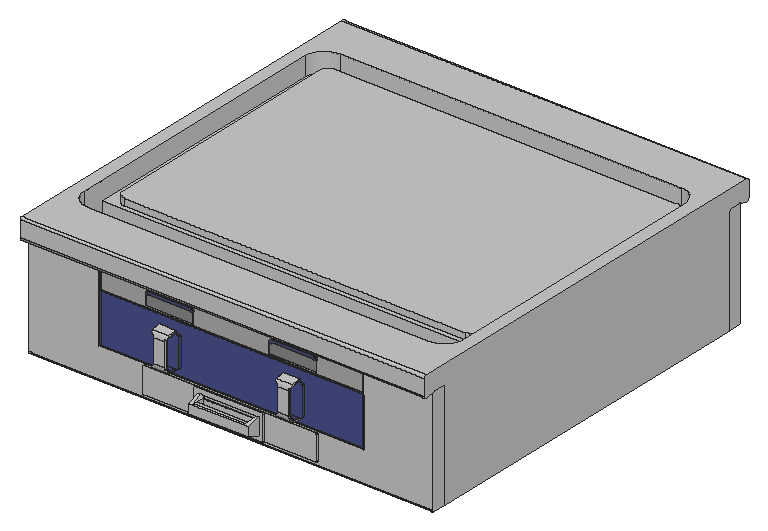
Revit family "QF_ELECTROLUXPROFESSIONAL_588058_MAHMAAHOAO", category Specialty Equipment, Revit 2018
Family settings
  Round Connector Dimension = Use Diameter
  Part Type = Normal
  Work Plane-Based = No
  Always vertical = Yes
  Cut with Voids When Loaded = No
  Shared = No
  Room Calculation Point = No
Parameters
  Weight in Pounds = 264.5  # constant formula
  Watts = 15300 VA  # 15300 W
  Volts = 400 V  # constant formula
  URL Cutsheet = ""
  Type Mark [instance] = ""
  Status [instance] = ""
  Specification by User [instance] = ""
  Specification by Manufacturer = ""
  Show Clearance [instance] = yes
  Serial Number = ""
  Seismic Rating = ""
  SMACNA No = ""
  Revision Code [instance] = ""
  Phase = 3  # constant formula
  Omniclass Number and Title = ""
  Number of Poles [instance] = 1
  NAFEM Spec ID Number = ""
  Model = "588058"
  Min Ckt Ampacity = 0 A
  Max Overcurrent Protection = 0 A
  Masterspec = ""
  Manufacturer = "ELECTROLUX"
  Item Number [instance] = ""
  Installed By [instance] = ""
  Identify Quantity as Lot [instance] = yes
  HP = "20.5 HP"
  Furnished By [instance] = ""
  Foodservice Equipment Identifier [instance] = yes
  FL Amps [instance] = if(Phase = 3, Watts / (Volts * 1.73), Watts / Volts)  # 22.1098 A
  Electrical Remarks = "400 V/3N ph/50/60 Hz"  # constant formula
  Electric Connection Type [instance] = ""
  Elec Conn RI Height [instance] = 0 mm
  Elec Conn Connection Height [instance] = 0 mm
  Direct Waste Size = 0"
  Description = "EL.FRYTOP,SMOOTH PL,1-SIDE,800X800X250H"
  Cycle [instance] = if([60 Hertz Option], 60 Hz, 50 Hz)  # 60 Hz
  Conn Plug = ""
  Conn Conduit = yes
  CSI MasterFormat = ""
  CSI Master Format = ""
  Back Panel [instance] = yes
  Apparent Power [instance] = if(Phase = 3, Volts * FL Amps * 1.73, Volts * FL Amps)  # 15300 VA
  60 Hertz Option [instance] = not([50 Hertz Option])  # yes
  50 Hertz Option [instance] = no
Reference planes
  plane 1 "BACK": y = -100
  plane 2: z = 0
  plane 3 "LEFT": x = 0
  plane 4 "RIGHT": x = 800
  plane 5 "FRONT": y = -900
  plane 6 "TOP": z = 250
  plane 7: x = 400
  plane 8: y = -500
  plane 9: y = -1330
Forms (mm)
  Extrusion 1, solid, material "QF_Finishes_Stainless Steel"
    sketch origin (0, -487.128, 0) x (0, 1, 0) y (0, 0, 1)
      loop
        line (383.128, 250) -> (-408.872, 250)
        arc (-408.872, 250) -> (-411.7, 248.828) -> (-412.872, 246) r 4
        line (-412.872, 246) -> (-412.872, 214)
        arc (-412.872, 214) -> (-411.443, 210.936) -> (-408.177, 210.061) r 4
        line (-408.177, 210.061) -> (-391.509, 213) -> (-366.872, 213) -> (-366.872, 0) -> (341.128, 0) -> (341.128, 213) -> (365.765, 213) -> (382.433, 210.061)
        arc (382.433, 210.061) -> (385.699, 210.936) -> (387.128, 214) r 4
        line (387.128, 214) -> (387.128, 246)
        arc (387.128, 246) -> (385.956, 248.828) -> (383.128, 250) r 4
    from 0 to 800
  Extrusion 2, solid, material "QF_Finishes_Stainless Steel", visible <- "Back Panel"
    sketch origin (0, 0, 0) x (0, 1, 0) y (0, 0, 1)
      loop
        line (-146, 0) -> (-120, 0) -> (-120, 215)
        arc (-120, 215) -> (-120.586, 213.586) -> (-122, 213) r 2
        line (-122, 213) -> (-146, 213) -> (-146, 0)
    from 0 to 800
  Extrusion 3, void
    sketch origin (653.786, -55.952, 250) x (1, 0, 0) y (0, -1, 0)
      loop
        line (-590.636, 133.048) -> (83.064, 133.048)
        arc (83.064, 133.048) -> (110.04, 144.222) -> (121.214, 171.198) r 38.15
        line (121.214, 171.198) -> (121.214, 716.572)
        arc (121.214, 716.572) -> (109.944, 743.779) -> (82.737, 755.048) r 38.476
        line (82.737, 755.048) -> (-591.786, 755.048)
        arc (-591.786, 755.048) -> (-617.949, 744.211) -> (-628.786, 718.048) r 37
        line (-628.786, 718.048) -> (-628.786, 171.198)
        arc (-628.786, 171.198) -> (-617.613, 144.222) -> (-590.636, 133.048) r 38.15
    from 0 to 37
  Extrusion 4, void
    sketch origin (1307.573, -7.904, 213) x (0, 1, 0) y (1, 0, 0)
      loop
        line (-721.846, -532.573) -> (-764.62, -532.573)
        arc (-764.62, -532.573) -> (-791.827, -543.842) -> (-803.096, -571.049) r 38.476
        line (-803.096, -571.049) -> (-803.096, -1245.573)
        arc (-803.096, -1245.573) -> (-792.259, -1271.736) -> (-766.096, -1282.573) r 37
        line (-766.096, -1282.573) -> (-721.846, -1282.573) -> (-721.846, -532.573)
    from 0 to 25.6
  Extrusion 5, void
    sketch origin (1612.573, -7.904, 187.4) x (-1, 0, 0) y (0, 1, 0)
      loop
        circle (1212.573, -762.096) r 22.248
    from 0 to 92
  Extrusion 6, solid, material "QF_Finishes_Stainless Steel"
    sketch origin (0, -754, 0) x (1, 0, 0) y (0, -1, 0)
      loop
        circle (755, -69) r 6.35
    from 0 to 3.2
  Extrusion 7, solid, material "QF_Door-Drawer Clearances", visible <- "Show Clearance", detail levels coarse
    sketch origin (437.203, -881.593, 8.62) x (0, 0, 1) y (-1, 0, 0)
      loop
        line (1.973, -134.295) -> (49.317, -134.295)
        arc (49.317, -134.295) -> (50.776, -133.691) -> (51.38, -132.232) r 2.063
        line (51.38, -132.232) -> (51.38, 206.852)
        arc (51.38, 206.852) -> (50.88, 208.549) -> (49.541, 209.705) r 3.133
        line (49.541, 209.705) -> (3.067, 209.705)
        arc (3.067, 209.705) -> (0.898, 208.807) -> (0, 206.638) r 3.067
        line (0, 206.638) -> (0, -132.322)
        arc (0, -132.322) -> (0.578, -133.717) -> (1.973, -134.295) r 1.973
    from 0 to 448.407
  Extrusion 8, solid, material "QF_Finishes_Stainless Steel"
    sketch origin (653.786, -55.952, 213) x (1, 0, 0) y (0, 1, 0)
      loop
        line (-608.786, -161.361) -> (-608.786, -645.485)
        arc (-608.786, -645.485) -> (-603.47, -658.319) -> (-590.636, -663.635) r 18.15
        line (-590.636, -663.635) -> (83.064, -663.635)
        arc (83.064, -663.635) -> (95.898, -658.319) -> (101.214, -645.485) r 18.15
        line (101.214, -645.485) -> (101.214, -161.361)
        arc (101.214, -161.361) -> (95.898, -148.527) -> (83.064, -143.211) r 18.15
        line (83.064, -143.211) -> (-590.636, -143.211)
        arc (-590.636, -143.211) -> (-603.47, -148.527) -> (-608.786, -161.361) r 18.15
    from 0 to 13.3
Cuts and joins
  Extrusion 3, Extrusion 4, Extrusion 5 cuts Extrusion 1
Lines and regions (mm)
  symbolic lines
    curve 1: line (261.519, -902.326, 0) -> (261.519, -900, 0)
    curve 2: spline (267.188, -903.73, 0) -> (266.709, -903.657, 0) -> (266.231, -903.575, 0) -> (265.754, -903.486, 0) -> (265.278, -903.389, 0) -> (264.804, -903.283, 0) -> (264.33, -903.17, 0) -> (263.858, -903.049, 0) -> (263.387, -902.92, 0) -> (262.918, -902.783, 0) -> (262.45, -902.638, 0) -> (261.984, -902.486, 0) -> (261.519, -902.326, 0)
    curve 3: line (293.735, -902.326, 0) -> (293.735, -900, 0)
    curve 4: spline (293.735, -902.326, 0) -> (293.27, -902.486, 0) -> (292.804, -902.638, 0) -> (292.337, -902.783, 0) -> (291.867, -902.92, 0) -> (291.396, -903.049, 0) -> (290.924, -903.17, 0) -> (290.451, -903.283, 0) -> (289.976, -903.389, 0) -> (289.5, -903.486, 0) -> (289.023, -903.575, 0) -> (288.545, -903.657, 0) -> (288.066, -903.73, 0)
    curve 5: line (267.188, -903.73, 0) -> (288.066, -903.73, 0)
    curve 6: line (538.481, -902.326, 0) -> (538.481, -900, 0)
    curve 7: spline (532.812, -903.73, 0) -> (533.291, -903.657, 0) -> (533.769, -903.575, 0) -> (534.246, -903.486, 0) -> (534.722, -903.389, 0) -> (535.196, -903.283, 0) -> (535.67, -903.17, 0) -> (536.142, -903.049, 0) -> (536.613, -902.92, 0) -> (537.082, -902.783, 0) -> (537.55, -902.638, 0) -> (538.016, -902.486, 0) -> (538.481, -902.326, 0)
    curve 8: line (506.265, -902.326, 0) -> (506.265, -900, 0)
    curve 9: spline (506.265, -902.326, 0) -> (506.73, -902.486, 0) -> (507.196, -902.638, 0) -> (507.663, -902.783, 0) -> (508.133, -902.92, 0) -> (508.604, -903.049, 0) -> (509.076, -903.17, 0) -> (509.549, -903.283, 0) -> (510.024, -903.389, 0) -> (510.5, -903.486, 0) -> (510.977, -903.575, 0) -> (511.455, -903.657, 0) -> (511.934, -903.73, 0)
    curve 10: line (532.812, -903.73, 0) -> (511.934, -903.73, 0)
    curve 11: line (25, -774, 0) -> (25, -227.15, 0)
    curve 12: arc (25, -227.15, 0) -> (36.174, -200.174, 0) -> (63.15, -189, 0) r 38.15
    curve 13: line (63.15, -189, 0) -> (736.85, -189, 0)
    curve 14: arc (736.85, -189, 0) -> (763.826, -200.174, 0) -> (775, -227.15, 0) r 38.15
    curve 15: line (775, -227.15, 0) -> (775, -772.524, 0)
    curve 16: arc (775, -772.524, 0) -> (763.731, -799.731, 0) -> (736.524, -811, 0) r 38.476
    curve 17: line (736.524, -811, 0) -> (62, -811, 0)
    curve 18: arc (62, -811, 0) -> (35.837, -800.163, 0) -> (25, -774, 0) r 37
    curve 19: line (775, -729.75, 0) -> (25, -729.75, 0)
    curve 20: circle (400, -770, 0) r 22.248 normal (0, 0, -1)
    curve 21: line (0, -100, 0) -> (800, -100, 0)
    curve 22: line (0, -900, 0) -> (0, -100, 0)
    curve 23: line (800, -900, 0) -> (0, -900, 0)
    curve 24: line (800, -100, 0) -> (800, -900, 0)
    curve 25: line (347.608, -908.767, 0) -> (450.042, -908.767, 0)
    curve 26: line (450.042, -908.767, 0) -> (451.588, -900, 0)
    curve 27: line (347.608, -908.767, 0) -> (346.062, -900, 0)
    curve 31: line (736.85, -199.163, 0) -> (63.15, -199.163, 0)
    curve 32: arc (63.15, -199.163, 0) -> (50.316, -204.479, 0) -> (45, -217.313, 0) r 18.15
    curve 33: line (45, -217.313, 0) -> (45, -701.437, 0)
    curve 34: arc (45, -701.437, 0) -> (50.316, -714.271, 0) -> (63.15, -719.587, 0) r 18.15
    curve 35: line (63.15, -719.587, 0) -> (736.85, -719.587, 0)
    curve 36: arc (736.85, -719.587, 0) -> (749.684, -714.271, 0) -> (755, -701.437, 0) r 18.15
    curve 37: line (755, -701.437, 0) -> (755, -217.313, 0)
    curve 38: arc (755, -217.313, 0) -> (749.684, -204.479, 0) -> (736.85, -199.163, 0) r 18.15
  symbolic lines, style "QF_Door-Drawer Clearances"
    curve 28: line (227.498, -1330, 0) -> (227.498, -900, 0)
    curve 29: line (227.498, -1330, 0) -> (571.498, -1330, 0)
    curve 30: line (571.498, -1330, 0) -> (571.498, -900, 0)
Dimensions and locks
  plane 3 "LEFT" to plane 4 "RIGHT" = 800 mm
  plane 5 "FRONT" to plane 1 "BACK" = 800 mm
  equal spacing: plane 3 "LEFT", plane 7, plane 4 "RIGHT"
  equal spacing: plane 5 "FRONT", plane 8, plane 1 "BACK"
  plane 6 "TOP" to level = 250 mm  (x2)
  plane 1 "BACK" to plane 5 "FRONT" = 800 mm
  Extrusion 6 sketch curve to plane 1 "BACK" = 585 mm
  Extrusion 6 sketch curve to plane 4 "RIGHT" = 45 mm
  plane 5 "FRONT" to plane 9 = 430 mm
  radius of Extrusion 8 sketch curve = 18.15 mm  (x4)
  aligned and locked: level to plane 2
  aligned and locked: Extrusion 7 to plane 9
  aligned and locked: cut or joined group of Extrusion 1, Extrusion 3, Extrusion 4, Extrusion 5 to plane 4 "RIGHT"
  aligned and locked: plane 7 to nested 1
  aligned and locked: Extrusion 2 to plane 4 "RIGHT"
Automatic sketch dimensions
  Extrusion 2 sketch curve to Extrusion 2 sketch curve = 26 mm
  plane 1 "BACK" to Extrusion 2 sketch curve = 22 mm
  Extrusion 2 sketch curve to Extrusion 2 sketch curve = 2 mm
  level to Extrusion 2 sketch curve = 213 mm
  Extrusion 1 to Extrusion 3 sketch curve = 85 mm  (x2)
  Extrusion 1 to Extrusion 3 sketch curve = 122 mm
  Extrusion 1 to Extrusion 3 sketch curve = 25 mm
  Extrusion 3 sketch curve to Extrusion 3 sketch curve = 38.15 mm  (x2)
  Extrusion 1 to Extrusion 3 sketch curve = 123.476 mm
  Extrusion 3 sketch curve to Extrusion 3 sketch curve = 674.524 mm
  Extrusion 1 sketch curve to plane 5 "FRONT" = 0 mm
  Extrusion 1 sketch curve to plane 6 "TOP" = 0 mm
  Extrusion 1 sketch curve to level = 0 mm
  Extrusion 1 sketch curve to plane 1 "BACK" = 0 mm
  Extrusion 1 sketch curve to plane 6 "TOP" = 37 mm  (x2)
  Extrusion 1 sketch curve to plane 5 "FRONT" = 4 mm
  Extrusion 1 sketch curve to plane 5 "FRONT" = 21.363 mm
  Extrusion 1 sketch curve to plane 5 "FRONT" = 46 mm
  plane 1 "BACK" to Extrusion 1 sketch curve = 21.363 mm
  plane 1 "BACK" to Extrusion 1 sketch curve = 4 mm  (x2)
  Extrusion 1 sketch curve to Extrusion 1 sketch curve = 4 mm
  Extrusion 1 sketch curve to Extrusion 1 sketch curve = 0.695 mm
  Extrusion 1 sketch curve to Extrusion 1 sketch curve = 0 mm  (x4)
  plane 1 "BACK" to Extrusion 1 sketch curve = 4.695 mm
  Extrusion 1 sketch curve to Extrusion 1 sketch curve = 1 mm  (x2)
  plane 1 "BACK" to Extrusion 1 sketch curve = 46 mm
  Extrusion 4 sketch curve to Extrusion 3 = 81.25 mm
  Extrusion 3 to Extrusion 4 sketch curve = 0 mm  (x2)
  Extrusion 4 sketch curve to Extrusion 4 sketch curve = 37 mm
  Extrusion 4 sketch curve to Extrusion 4 sketch curve = 674.524 mm
  Extrusion 4 sketch curve to Extrusion 3 = 38.476 mm
  Extrusion 5 sketch curve to Extrusion 4 = 41 mm
  Extrusion 5 sketch curve to Extrusion 4 = 375 mm
  plane 1 "BACK" to curve 21 = 0 mm
  curve 21 to plane 4 "RIGHT" = 0 mm
  curve 28 to plane 9 = 0 mm
  curve 22 to plane 3 "LEFT" = 0 mm
  plane 5 "FRONT" to curve 30 = 0 mm
  plane 4 "RIGHT" to curve 15 = 25 mm
  curve 15 to curve 13 = 38.15 mm
  curve 16 to curve 17 = 38.476 mm
  plane 5 "FRONT" to curve 6 = 2.326 mm
  plane 7 to curve 6 = 138.481 mm
  plane 5 "FRONT" to curve 10 = 3.73 mm
  curve 7 to curve 10 = 5.669 mm
  plane 5 "FRONT" to curve 26 = 8.767 mm
  curve 7 to curve 26 = 82.77 mm
  curve 10 to curve 25 = 61.891 mm
  plane 5 "FRONT" to curve 8 = 2.326 mm
  curve 10 to curve 8 = 5.669 mm
  plane 5 "FRONT" to curve 3 = 2.326 mm
  curve 3 to plane 7 = 106.265 mm
  plane 5 "FRONT" to curve 5 = 3.73 mm
  curve 3 to curve 5 = 5.669 mm
  curve 27 to curve 5 = 59.542 mm
  curve 25 to curve 5 = 80.42 mm
  plane 5 "FRONT" to curve 1 = 2.326 mm
  curve 2 to curve 1 = 5.669 mm
  plane 3 "LEFT" to curve 13 = 63.15 mm
  plane 3 "LEFT" to curve 17 = 62 mm
  plane 3 "LEFT" to curve 28 = 227.498 mm
  plane 3 "LEFT" to curve 11 = 25 mm
  plane 4 "RIGHT" to curve 30 = 228.502 mm
  curve 6 to curve 7 = 9.839 mm
  curve 7 to curve 9 = 12.538 mm
  curve 9 to curve 26 = 64.516 mm
  plane 5 "FRONT" to curve 4 = 4.032 mm
  curve 5 to curve 4 = 4.17 mm
  curve 27 to curve 4 = 62.166 mm
  curve 4 to curve 2 = 12.538 mm
  curve 20 to curve 18 = 338 mm
  plane 1 "BACK" to curve 13 = 89 mm
  curve 15 to plane 5 "FRONT" = 127.476 mm
  curve 19 to curve 18 = 44.25 mm
  curve 20 to curve 18 = 4 mm
  curve 7 to plane 5 "FRONT" = 39.101 mm
  curve 9 to curve 7 = 0 mm
  curve 2 to curve 4 = 0 mm
  level to Extrusion 7 sketch curve = 8.62 mm
  level to Extrusion 7 sketch curve = 57.937 mm
  plane 7 to Extrusion 7 sketch curve = 171.498 mm
  Extrusion 7 sketch curve to Extrusion 7 sketch curve = 1.973 mm
  Extrusion 7 sketch curve to Extrusion 7 sketch curve = 3.067 mm
  Extrusion 7 sketch curve to Extrusion 7 sketch curve = 46.474 mm
  Extrusion 7 sketch curve to Extrusion 7 sketch curve = 2.063 mm
  Extrusion 7 sketch curve to Extrusion 7 sketch curve = 3.133 mm
  Extrusion 7 sketch curve to plane 7 = 169.435 mm
  Extrusion 8 sketch curve to Extrusion 3 = 20 mm
  Extrusion 8 sketch curve to Extrusion 3 = 91.413 mm
  Extrusion 8 sketch curve to Extrusion 3 = 38.15 mm
  Extrusion 8 sketch curve to Extrusion 3 = 28.313 mm
  Extrusion 8 sketch curve to Extrusion 8 sketch curve = 0 mm
  plane 4 "RIGHT" to curve 37 = 45 mm
  plane 4 "RIGHT" to curve 31 = 63.15 mm
  plane 1 "BACK" to curve 31 = 99.163 mm
  curve 36 to curve 35 = 18.15 mm
  curve 31 to curve 13 = 0 mm
  curve 35 to curve 19 = 38.15 mm
  curve 34 to curve 33 = 18.15 mm
  curve 33 to curve 19 = 28.313 mm
  Extrusion 2 sketch curve to level = 0 mm
  radius of Extrusion 5 sketch curve = 22.248 mm
  radius of Extrusion 6 sketch curve = 6.35 mm
  radius of curve 20 = 22.248 mm
Nested families
  nested 1: "EG_800_800 Front Panel with Center Grease Trap" at (402.376, -854, -650), type "EG_800_800 Front Panel with Center Grease Trap"
    with Width 800 mm
Connectors
  electrical at (755, -685, -3.2), driven by "Volts", driven by "Watts"
    settings: on Extrusion 6, index 1, voltage 400 V, apparent load 15300 VA, apparent load phase1 0 VA, apparent load phase2 0 VA, apparent load phase3 0 VA, power factor 1, load classification "Other", number of poles 1, system type 30, power factor state 1, is connector primary yes, connector utility no, sub classification motor no, connector description "ELECTRICAL CONNECTION"
Definition of nested family "EG_800_800 Front Panel with Center Grease Trap"
  Parameters
    Width [instance] = 800 mm
  Reference planes
    plane 1 "Center (Front/Back)": y = 0
    plane 2: z = 0
    plane 3 "Center (Left/Right)": x = -2.376
    plane 4: x = -402.376
    plane 5: x = 397.624
  Forms (mm)
    Extrusion 1, solid
      sketch origin (833.217, 829.203, -1.25) x (0, 1, 0) y (0, 0, 1)
        loop
          arc (-854.203, 654.25) -> (-853.324, 652.129) -> (-851.203, 651.25) r 3
          line (-851.203, 651.25) -> (-829.203, 651.25) -> (-829.203, 864.25) -> (-854.203, 864.25) -> (-854.203, 654.25)
      from -1235.593 to -435.593
    Extrusion 2, void
      sketch origin (33.217, 829.203, -1.25) x (1, 0, 0) y (0, 0, 1)
        loop
          line (-298.093, 855.116) -> (-298.093, 713.116) -> (226.907, 713.116) -> (226.907, 855.116) -> (-298.093, 855.116)
      from 848.59 to 854.203
  Cuts and joins
    Extrusion 2 cuts Extrusion 1
  Dimensions and locks
    equal spacing: plane 5, plane 3 "Center (Left/Right)", plane 4
    "Width": plane 5 to plane 4
    aligned and locked: cut or joined group of Extrusion 1, Extrusion 2 to plane 4
    aligned and locked: plane 5 to cut or joined group of Extrusion 1, Extrusion 2
    aligned and locked: plane 3 "Center (Left/Right)" to nested 2
    aligned and locked: cut or joined group of Extrusion 1, Extrusion 2 to nested 2
  Automatic sketch dimensions
    Extrusion 1 sketch curve to plane 1 "Center (Front/Back)" = 0 mm
    plane 1 "Center (Front/Back)" to Extrusion 1 sketch curve = 22 mm
    Extrusion 1 sketch curve to Extrusion 1 sketch curve = 3 mm
    level to Extrusion 1 sketch curve = 650 mm
    Extrusion 1 sketch curve to Extrusion 1 sketch curve = 210 mm
    plane 4 to Extrusion 2 sketch curve = 137.5 mm
    Extrusion 2 sketch curve to plane 5 = 137.5 mm
    level to Extrusion 2 sketch curve = 711.866 mm
    Extrusion 2 sketch curve to Extrusion 2 sketch curve = 142 mm
  Nested families
    nested 1: "Range Control Handle" at (-124.522, -28.137, -209.113) x (-1, 0, 0) z (0, 0, 1), type "Range Control Handle"
    nested 2: "800 Panel - Glass conrol panel" at (-30.376, 280.644, 2.752), type "800 Panel - Glass conrol panel"
      with Width 525 mm
    nested 3: "800 Panel - Grease trap door" at (65.223, -25, 0.608) x (-1, 0, 0) z (0, 0, 1), type "800 Panel - Grease trap door"
    nested 4: "Range Control Handle" at (119.771, -28.137, -209.113), type "Range Control Handle"
  Definition of nested family "Range Control Handle"
    Reference planes
      plane 1 "Center (Front/Back)": y = 0
      plane 2: z = 0
      plane 3 "Center (Left/Right)": x = 0
      plane 4: z = 971.092
    Forms (mm)
      Extrusion 1, solid
        sketch origin (-746.28, 380.497, 208.931) x (-1, 0, 0) y (0, 0, 1)
          loop
            line (-770.101, 786.798) -> (-770.101, 731.649)
            arc (-770.101, 731.649) -> (-769.759, 730.563) -> (-768.855, 729.87) r 1.893
            line (-768.855, 729.87) -> (-763.474, 727.911) -> (-729.81, 727.911) -> (-724.428, 729.87)
            arc (-724.428, 729.87) -> (-723.525, 730.563) -> (-723.183, 731.649) r 1.893
            line (-723.183, 731.649) -> (-723.183, 786.798)
            arc (-723.183, 786.798) -> (-723.529, 787.894) -> (-724.44, 788.593) r 1.91
            line (-724.44, 788.593) -> (-729.683, 790.819) -> (-763.601, 790.819) -> (-768.844, 788.593)
            arc (-768.844, 788.593) -> (-769.755, 787.894) -> (-770.101, 786.798) r 1.91
        from -382.35 to -378.852
      Sweep 2, solid
        path origin (-746.788, 380.496, 208.091) x (0, -1, 0) y (0, 0, 1)
          loop
            line (379.775, 793.281) -> (395.661, 791.048)
            arc (395.661, 791.048) -> (397.781, 787.377) -> (398.517, 783.202) r 12.207
            line (398.517, 783.202) -> (398.517, 737.368)
            arc (398.517, 737.368) -> (397.781, 733.193) -> (395.661, 729.522) r 12.207
            line (395.661, 729.522) -> (379.775, 727.289)
        profile origin (-746.788, -7.222, 1000.256) x (0, -0.139173, 0.990268) y (-1, 0, 0)
          loop
            line (0.782, -763.123) -> (0.782, -730.907) -> (-1.322, -730.907) -> (-1.322, -763.123) -> (0.782, -763.123)
      Sweep 3, solid
        path origin (-746.788, 380.715, 207.832) x (0, -1, 0) y (0, 0, 1)
          loop
            line (380.478, 795.442) -> (397.218, 793.09)
            arc (397.218, 793.09) -> (399.929, 788.473) -> (400.871, 783.202) r 15.207
            line (400.871, 783.202) -> (400.871, 737.584)
            arc (400.871, 737.584) -> (399.914, 732.274) -> (397.164, 727.633) r 15.207
            line (397.164, 727.633) -> (380.601, 725.305)
        profile origin (-746.788, -8.132, 1002.099) x (0, -0.139173, 0.990268) y (-1, 0, 0)
          loop
            line (0.782, -763.123) -> (0.782, -730.907) -> (-1.322, -730.907) -> (-1.322, -763.123) -> (0.782, -763.123)
      Extrusion 4, void
        sketch origin (889.253, 220.666, 207.993) x (1, 0, 0) y (0, 0, 1)
          loop
            line (-943.038, 816.854) -> (-943.038, 703.686) -> (-899.466, 734.196) -> (-899.466, 786.344) -> (-943.038, 816.854)
        from 230.636 to 242.25
      Extrusion 5, void
        sketch origin (-888.8, 220.666, 207.993) x (-1, 0, 0) y (0, 0, -1)
          loop
            line (-943.038, -816.854) -> (-899.466, -786.344) -> (-899.466, -734.196) -> (-943.038, -703.686) -> (-943.038, -816.854)
        from 230.636 to 242.25
      Extrusion 6, solid
        sketch origin (0, 0, 0) x (1, 0, 0) y (0, 0, 1)
          loop
            circle (0, 971.092) r 7.736
        from -3.137 to -1.645
    Cuts and joins
      Extrusion 4, Extrusion 5 cuts Sweep 3
      Extrusion 4, Extrusion 5 cuts Sweep 2
      joined: Extrusion 1, Extrusion 6
    Lines and regions (mm)
      symbolic lines
        curve 1: line (23.821, 1.645, 0) -> (-23.097, 1.645, 0)
        curve 2: line (16.334, -1.853, 0) -> (23.821, -1.853, 0)
        curve 3: line (-15.881, -19.189, 0) -> (-15.881, -1.853, 0)
        curve 4: line (-23.097, -1.853, 0) -> (-15.881, -1.853, 0)
        curve 5: line (16.334, -19.189, 0) -> (16.334, -1.853, 0)
        curve 6: spline (-15.881, -19.189, 0) -> (-15.417, -19.349, 0) -> (-14.951, -19.501, 0) -> (-14.483, -19.646, 0) -> (-14.014, -19.783, 0) -> (-13.543, -19.912, 0) -> (-13.071, -20.033, 0) -> (-12.597, -20.146, 0) -> (-12.122, -20.251, 0) -> (-11.646, -20.349, 0) -> (-11.169, -20.438, 0) -> (-10.691, -20.52, 0) -> (-10.213, -20.593, 0)
        curve 7: spline (10.666, -20.593, 0) -> (11.144, -20.52, 0) -> (11.622, -20.438, 0) -> (12.099, -20.349, 0) -> (12.575, -20.251, 0) -> (13.05, -20.146, 0) -> (13.524, -20.033, 0) -> (13.996, -19.912, 0) -> (14.467, -19.783, 0) -> (14.936, -19.646, 0) -> (15.404, -19.501, 0) -> (15.87, -19.349, 0) -> (16.334, -19.189, 0)
        curve 8: line (-10.213, -20.938, 0) -> (10.716, -20.938, 0)
        curve 9: line (-23.097, 1.645, 0) -> (-23.097, -1.853, 0)
        curve 10: line (23.821, 1.645, 0) -> (23.821, -1.853, 0)
  Definition of nested family "800 Panel - Glass conrol panel"
    Parameters
      Width [instance] = 525 mm
    Reference planes
      plane 1 "Center (Front/Back)": y = 0
      plane 2: z = 0
      plane 3 "Center (Left/Right)": x = 28
      plane 4: x = -234.5
      plane 5: x = 290.5
    Forms (mm)
      Extrusion 1, solid
        sketch origin (378.286, 0, 0.617) x (1, 0, 0) y (0, 0, 1)
          loop
            line (-612.786, 806.791) -> (-612.786, 708.497) -> (-87.786, 708.497) -> (-87.786, 806.791) -> (-612.786, 806.791)
        from 300.031 to 304.8
      Extrusion 2, solid
        sketch origin (378.286, 0, 0.617) x (1, 0, 0) y (0, 0, 1)
          loop
            line (-612.786, 850.497) -> (-612.786, 806.791) -> (-87.786, 806.791) -> (-87.786, 850.497) -> (-612.786, 850.497)
        from 300.031 to 304.8
      Extrusion 3, void
        sketch origin (378.286, 0, 0.617) x (1, 0, 0) y (0, 0, 1)
          loop
            line (-610.128, 847.565) -> (-610.128, 710.699) -> (-90.696, 710.699) -> (-90.696, 847.565) -> (-610.128, 847.565)
        from 303.697 to 304.8
      Extrusion 4, solid
        sketch origin (-430.455, 1.101, -0.633) x (-1, 0, 0) y (0, 0, -1)
          loop
            line (-289.431, -812.62) -> (-383.186, -812.62) -> (-383.186, -834.177) -> (-378.269, -834.177) -> (-376.469, -835.977) -> (-296.039, -835.977) -> (-294.24, -834.177) -> (-289.431, -834.177) -> (-289.431, -812.62)
        from 304.798 to 306.745
      Extrusion 5, solid
        sketch origin (-430.455, 1.101, -0.633) x (-1, 0, 0) y (0, 0, -1)
          loop
            line (-378.269, -834.177) -> (-383.078, -834.177)
            arc (-383.078, -834.177) -> (-381.942, -838.747) -> (-377.686, -840.763) r 5.5
            line (-377.686, -840.763) -> (-294.98, -840.763)
            arc (-294.98, -840.763) -> (-290.706, -838.752) -> (-289.529, -834.177) r 5.549
            line (-289.529, -834.177) -> (-294.24, -834.177) -> (-296.039, -835.977) -> (-376.469, -835.977) -> (-378.269, -834.177)
        from 304.798 to 306.745
      Extrusion 6, solid
        sketch origin (486.455, 1.101, -0.633) x (1, 0, 0) y (0, 0, 1)
          loop
            line (-289.431, 812.62) -> (-289.431, 834.177) -> (-294.24, 834.177) -> (-296.039, 835.977) -> (-376.469, 835.977) -> (-378.269, 834.177) -> (-383.186, 834.177) -> (-383.186, 812.62) -> (-289.431, 812.62)
        from 304.798 to 306.745
      Extrusion 7, solid
        sketch origin (486.455, 1.101, -0.633) x (1, 0, 0) y (0, 0, 1)
          loop
            line (-378.269, 834.177) -> (-376.469, 835.977) -> (-296.039, 835.977) -> (-294.24, 834.177) -> (-289.529, 834.177)
            arc (-289.529, 834.177) -> (-290.706, 838.752) -> (-294.98, 840.763) r 5.549
            line (-294.98, 840.763) -> (-377.686, 840.763)
            arc (-377.686, 840.763) -> (-381.942, 838.747) -> (-383.078, 834.177) r 5.5
            line (-383.078, 834.177) -> (-378.269, 834.177)
        from 304.798 to 306.745
    Cuts and joins
      Extrusion 3 cuts Extrusion 1
      Extrusion 3 cuts Extrusion 2
    Dimensions and locks
      "Width": plane 5 to plane 4
      equal spacing: plane 5, plane 3 "Center (Left/Right)", plane 4
      aligned and locked: Extrusion 1 to Extrusion 2
      aligned and locked: Extrusion 5 to Extrusion 4
      aligned and locked: plane 5 to cut or joined group of Extrusion 1, Extrusion 3
      aligned and locked: plane 5 to cut or joined group of Extrusion 2, Extrusion 3
      aligned and locked: cut or joined group of Extrusion 1, Extrusion 3 to plane 4
      aligned and locked: cut or joined group of Extrusion 2, Extrusion 3 to plane 4
      aligned and locked: Extrusion 7 to Extrusion 6
    Automatic sketch dimensions
      Extrusion 1 sketch curve to plane 4 = 0 mm
      Extrusion 1 sketch curve to plane 5 = 0 mm
      level to Extrusion 1 sketch curve = 709.114 mm
      Extrusion 1 sketch curve to Extrusion 1 sketch curve = 98.294 mm
      Extrusion 2 sketch curve to plane 4 = 0 mm
      Extrusion 2 sketch curve to plane 5 = 0 mm
      level to Extrusion 2 sketch curve = 807.408 mm
      Extrusion 2 sketch curve to Extrusion 2 sketch curve = 43.706 mm
      plane 4 to Extrusion 3 sketch curve = 2.658 mm
      level to Extrusion 3 sketch curve = 711.316 mm
      Extrusion 3 sketch curve to plane 5 = 2.909 mm
      Extrusion 3 sketch curve to Extrusion 3 sketch curve = 136.866 mm
      Extrusion 4 sketch curve to plane 3 "Center (Left/Right)" = 75.269 mm
      plane 4 to Extrusion 4 sketch curve = 100.084 mm
      level to Extrusion 4 sketch curve = 835.343 mm
      Extrusion 4 sketch curve to Extrusion 4 sketch curve = 4.917 mm
      Extrusion 4 sketch curve to Extrusion 4 sketch curve = 1.8 mm  (x4)
      Extrusion 4 sketch curve to Extrusion 4 sketch curve = 4.809 mm
      Extrusion 4 sketch curve to Extrusion 4 sketch curve = 21.557 mm
      Extrusion 5 sketch curve to plane 3 "Center (Left/Right)" = 75.377 mm
      Extrusion 5 sketch curve to plane 3 "Center (Left/Right)" = 80.769 mm
      level to Extrusion 5 sketch curve = 840.129 mm
      Extrusion 5 sketch curve to Extrusion 5 sketch curve = 0.583 mm
      Extrusion 5 sketch curve to Extrusion 5 sketch curve = 1.217 mm
      Extrusion 5 sketch curve to Extrusion 5 sketch curve = 80.43 mm
      Extrusion 5 sketch curve to Extrusion 5 sketch curve = 1.059 mm
      Extrusion 5 sketch curve to Extrusion 5 sketch curve = 0.741 mm
      Extrusion 5 sketch curve to Extrusion 5 sketch curve = 4.711 mm
      Extrusion 5 sketch curve to Extrusion 5 sketch curve = 4.786 mm
      Extrusion 5 sketch curve to Extrusion 5 sketch curve = 1.8 mm  (x2)
      plane 3 "Center (Left/Right)" to Extrusion 6 sketch curve = 75.269 mm
      level to Extrusion 6 sketch curve = 811.987 mm
      Extrusion 6 sketch curve to Extrusion 6 sketch curve = 4.917 mm
      Extrusion 6 sketch curve to Extrusion 6 sketch curve = 1.8 mm  (x3)
      Extrusion 6 sketch curve to Extrusion 6 sketch curve = 80.43 mm
      Extrusion 6 sketch curve to Extrusion 6 sketch curve = 4.809 mm
      Extrusion 6 sketch curve to Extrusion 6 sketch curve = 21.557 mm  (x2)
      plane 3 "Center (Left/Right)" to Extrusion 7 sketch curve = 75.377 mm
      plane 3 "Center (Left/Right)" to Extrusion 7 sketch curve = 80.186 mm
      level to Extrusion 7 sketch curve = 833.543 mm
      Extrusion 7 sketch curve to Extrusion 7 sketch curve = 0.583 mm
      Extrusion 7 sketch curve to Extrusion 7 sketch curve = 1.217 mm
      Extrusion 7 sketch curve to Extrusion 7 sketch curve = 80.43 mm
      Extrusion 7 sketch curve to Extrusion 7 sketch curve = 1.059 mm
      Extrusion 7 sketch curve to Extrusion 7 sketch curve = 0.741 mm
      Extrusion 7 sketch curve to Extrusion 7 sketch curve = 4.711 mm
      Extrusion 7 sketch curve to Extrusion 7 sketch curve = 0 mm
      Extrusion 7 sketch curve to Extrusion 7 sketch curve = 1.8 mm
      Extrusion 7 sketch curve to Extrusion 7 sketch curve = 4.786 mm
  Definition of nested family "800 Panel - Grease trap door"
    Reference planes
      plane 1 "Center (Front/Back)": y = 0
      plane 2: z = 0
      plane 3 "Center (Left/Right)": x = 0
    Forms (mm)
      Extrusion 1, solid
        sketch origin (1627.55, 854.203, -1.25) x (1, 0, 0) y (0, 0, 1)
          loop
            arc (-1627.55, 661.235) -> (-1626.972, 659.84) -> (-1625.577, 659.262) r 1.973
            line (-1625.577, 659.262) -> (-1494.325, 659.262)
            arc (-1494.325, 659.262) -> (-1492.156, 660.16) -> (-1491.258, 662.329) r 3.067
            line (-1491.258, 662.329) -> (-1491.258, 708.803)
            arc (-1491.258, 708.803) -> (-1492.414, 710.143) -> (-1494.111, 710.642) r 3.133
            line (-1494.111, 710.642) -> (-1625.486, 710.642)
            arc (-1625.486, 710.642) -> (-1626.945, 710.038) -> (-1627.55, 708.579) r 2.063
            line (-1627.55, 708.579) -> (-1627.55, 661.235)
        from 856.795 to 859.203
      Extrusion 2, solid
        sketch origin (445.874, 2476.61, 0) x (0, 1, 0) y (0, 0, 1)
          loop
            line (-2506.377, 675.273) -> (-2481.61, 667.505) -> (-2481.61, 700.995) -> (-2506.377, 693.227) -> (-2506.377, 675.273)
        from -437.68 to -317.68
      Extrusion 3, void
        sketch origin (1627.55, 854.203, -1.25) x (1, 0, 0) y (0, 0, 1)
          loop
            line (-1614.883, 703) -> (-1610.542, 695.433) -> (-1508.17, 695.433) -> (-1503.828, 703) -> (-1614.883, 703)
          loop
            line (-1614.883, 668) -> (-1502.669, 668) -> (-1507.01, 675.567) -> (-1610.542, 675.567) -> (-1614.883, 668)
        from 832.916 to 883.97
      Extrusion 4, void
        sketch origin (447.55, 854.203, -1.25) x (1, 0, 0) y (0, 0, 1)
          loop
            line (-430.542, 695.433) -> (-430.542, 675.567) -> (-328.17, 675.567) -> (-328.17, 695.433) -> (-430.542, 695.433)
        from 859.203 to 874.202
      Extrusion 5, solid
        sketch origin (1627.55, 854.203, -1.25) x (1, 0, 0) y (0, 0, 1)
          loop
            line (-1390.516, 710.642) -> (-1729.386, 710.642)
            arc (-1729.386, 710.642) -> (-1730.845, 710.038) -> (-1731.449, 708.579) r 2.063
            line (-1731.449, 708.579) -> (-1731.449, 661.235)
            arc (-1731.449, 661.235) -> (-1730.871, 659.84) -> (-1729.476, 659.262) r 1.973
            line (-1729.476, 659.262) -> (-1390.516, 659.262)
            arc (-1390.516, 659.262) -> (-1388.347, 660.16) -> (-1387.449, 662.329) r 3.067
            line (-1387.449, 662.329) -> (-1387.449, 707.485)
            arc (-1387.449, 707.485) -> (-1388.347, 709.653) -> (-1390.516, 710.552) r 3.067
        from 854.203 to 856.795
    Cuts and joins
      Extrusion 3 cuts Extrusion 1
      Extrusion 3, Extrusion 4 cuts Extrusion 2
      joined: Extrusion 1, Extrusion 2
    Lines and regions (mm)
      symbolic lines
        curve 1: line (0, -2.593, 0) -> (136.292, -2.593, 0)
        curve 2: line (17.557, -29.767, 0) -> (12.667, -2.593, 0)
        curve 3: line (17.557, -29.767, 0) -> (119.991, -29.767, 0)
        curve 4: line (119.991, -29.767, 0) -> (124.881, -2.593, 0)
        curve 5: line (68.146, -2.593, 0) -> (68.146, -29.767, 0)
      model lines
        curve 6: line (67.599, 0, 658.012) -> (67.599, 0, 709.392)
    Dimensions and locks
      aligned and locked: Extrusion 2 to Extrusion 1
      aligned and locked: Extrusion 3 to Extrusion 2
      aligned and locked: Extrusion 4 to Extrusion 1
